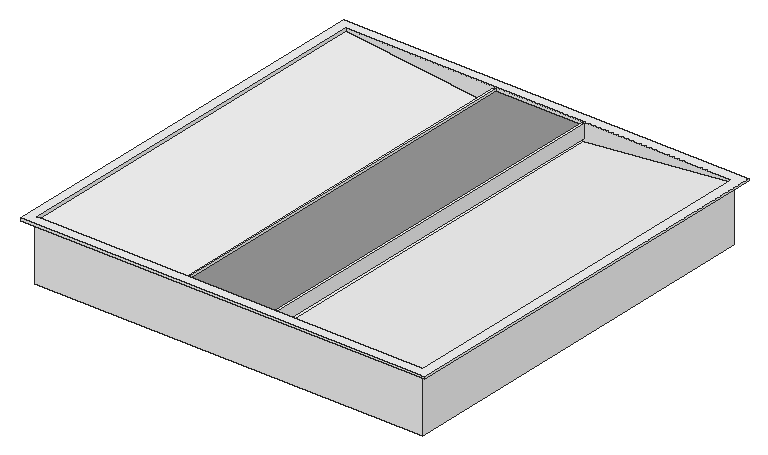
Revit family "2069260 Sylvania Lighting Fixture OFFICELYTE 600 HO 4K SSH01 EM", category Lighting Fixtures, host Face, Revit 2017
Family settings
  Host = Face
  Round Connector Dimension = Use Diameter
  Part Type = Normal
  OmniClass Number = 23.80.70.11.17
  OmniClass Title = Specialized Lighting by Location or Use
  Cut with Voids When Loaded = No
  Light Source = Yes
  Shared = No
  Room Calculation Point = No
Parameters (values of type "2069260 OFFICELYTE 600 HO 4K SSH01 EM Emergency mode")
  Width_SYL = 595.0 mm
  Weight = "7.1 kg"
  Wattage = 1.83465 W
  WarrantyStartDate [instance] = "n/a"
  WarrantyGuarantorParts = "n/a"
  WarrantyDurationUnit = "n/a"
  WarrantyDurationParts = "n/a"
  WarrantyDescription = "n/a"
  built-in parameter 1150110 = 1 (stored number, unit not read)
  Voltage = 230 V
  URL = "http://www.sylvania-lighting.com"
  TypeName = "OFFICELYTE 600 HO 4K SSH01 EM Emergency mode"
  built-in parameter 1114217 = 1 (stored number, unit not read)
  Tilt Angle = -90.00°
  built-in parameter 1150109 = 1 (stored number, unit not read)
  built-in parameter 1150134 = 12
  built-in parameter 1150113 = 1 (stored number, unit not read)
  SerialNumber [instance] = "n/a"
  PowerFactor = 0.96
  PowerConsumption = "36 W"
  Photometric Web File = "2069260EM.ies"
  NominalWidth = 0.0 mm
  NominalLength = 595.0 mm
  NominalHeight = 87.0 mm
  Name = "OFFICELYTE 600 HO 4K SSH01 EM Emergency mode"
  ModelReference = "OFFICELYTE 600 HO 4K SSH01 EM Emergency mode"
  ModelNumber = "2069260"
  Material = "zintec housing, acrylic diffuser"
  ManufacturerName = "Feilo Sylvania"
  LuminousEfficacy = "127 lm/W"
  LuminaireType = ""
  LightOutputRatio = "100"
  Length_SYL = Width_SYL  # 595.0 mm
  LampsType = Lamp  # "LED"
  LampNominalLuminous = "4570 lm"
  LampMacAdamStep = "n/a"
  LampColourTemperature = "4000 K"
  LampColourRenderingIndex = "80"
  Keynote = "16500"
  InstallationDate [instance] = "n/a"
  InputVoltage = "230-240V~"
  InputNominalFrequency = "50/60 Hz"
  IngressProtection = "IP20"
  ImpactProtectionIndex = "IK02"
  IfcExportType = "IfcLightFixtureType"
  IfcExportAs = "IfcLightFixtureType"
  Height_SYL = 84.0 mm
  ExpectedLife = 50000
  ElectricShockClassification = "Class I"
  DurationUnit = "hours"
  DocumentationLiterature = "http://www.sylvania-lighting.com/product/en-int/products/2069260"
  DimmingControlOptions = "n/a"
  Material_2_SYL = Acrylic_Sylvania_Officelyte LP LED_Satin_4000K
  CreatedOn = "8/23/2018"
  CreatedBy = ""
  built-in parameter 1114216 [instance] = 1 (stored number, unit not read)
  Model = "OFFICELYTE 600 HO 4K SSH01 EM Emergency mode"
  Manufacturer = "Havells-Sylvania Group"  # constant formula
  built-in parameter 1150105 = 18.542 (stored number, unit not read)
  Lumens = 233 lm
  built-in parameter 1150115 = 1 (stored number, unit not read)
  built-in parameter 1150137 = (empty or 0)
  built-in parameter 1150139 = (empty or 0)
  built-in parameter 1150112 = 1 (stored number, unit not read)
  built-in parameter 1150114 = 1 (stored number, unit not read)
  Lamp = "LED"
  built-in parameter 1150132 = 2
  built-in parameter 1150102 = (empty or 0)
  built-in parameter 1150107 = 4000 (stored number, unit not read)
  built-in parameter 1150138 = (empty or 0)
  built-in parameter 1150106 = 0.18542 (stored number, unit not read)
  Material_3_SYL = Steel_Sylvania_Officelyte LP LED_White_RAL 9016
  Emit from Rectangle Width = Width_SYL - 31.0 mm  # 564.0 mm
  Emit from Rectangle Length = Length_SYL - 31.0 mm  # 564.0 mm
  Emit Shape Visible in Rendering = no
  built-in parameter 1150104 = 11.799 (stored number, unit not read)
  Dimming Lamp Color Temperature Shift = <None>
  Material_1_SYL = Steel_Sylvania_Officelyte LP LED_White_RAL 9016
  Description = "The Concord OFFICELYTE LP LED HO 4K 600 is a high efficient luminaire for Office, education, meeting rooms. With efficacy of 95lm/W, at 4549lm, CRI of 85 and a very low glare ratio according to EN12464."  # constant formula
  Default Elevation = 0.0 mm
  Color Filter = 16777215
  built-in parameter 1140040 [instance] = 1
  BarCode [instance] = "n/a"
  built-in parameter 1114218 = 1 (stored number, unit not read)
  built-in parameter 1150133 = 10 (stored number, unit not read)
  AssetType = "Fixed"
  AssetIdentifier [instance] = "n/a"
  Assembly Code = "D5020200"
  Apparent Load = 1.83465 VA
Types (2, lengths in mm): name | Wattage | TypeName | Photometric Web File | Name | ModelReference | Model | built-in parameter 1150105 | Lumens | built-in parameter 1150106 | Apparent Load
  2069260 OFFICELYTE 600 HO 4K SSH01 EM Emergency mode | 1.83465 W | "OFFICELYTE 600 HO 4K SSH01 EM Emergency mode" | "2069260EM.ies" | "OFFICELYTE 600 HO 4K SSH01 EM Emergency mode" | "OFFICELYTE 600 HO 4K SSH01 EM Emergency mode" | "OFFICELYTE 600 HO 4K SSH01 EM Emergency mode" | 18.542 (stored number, unit not read) | 233 lm | 0.18542 (stored number, unit not read) | 1.83465 VA
  2069260 OFFICELYTE 600 HO 4K SSH01 EM | 36 W | "OFFICELYTE 600 HO 4K SSH01 EM" | "2069260.ies" | "OFFICELYTE 600 HO 4K SSH01 EM" | "OFFICELYTE 600 HO 4K SSH01 EM" | "OFFICELYTE 600 HO 4K SSH01 EM" | 363.83 (stored number, unit not read) | 4572 lm | 3.6383 (stored number, unit not read) | 36 VA
Reference planes
  plane 1 "Center (Front/Back)": y = 0
  plane 2: z = 0
  plane 3 "Center (Left/Right)": x = 0
  plane 4 "Fixture Bottom": z = 3
  plane 5 "Fixture Right": x = 297.5
  plane 6 "Profile Right": x = 284
  plane 7 "Profile Left": x = -284
  plane 8 "Fixture Left": x = -297.5
  plane 9 "Profile Back": y = 284
  plane 10 "Fixture Back": y = 297.5
  plane 11 "Fixture Front": y = -297.5
  plane 12: z = -25
  plane 13 "Box Right": x = 286
  plane 14 "Box Left": x = -286
  plane 15 "Box Back": y = 286
  plane 16 "Box Front": y = -286
  plane 17: x = 66.5
  plane 18: x = -66.5
  plane 19 "Difuser Right": x = 63.5
  plane 20 "Difuser Left": x = -63.5
  plane 21: z = -2
  plane 22: z = -4
  plane 23 "Profile Front": y = -284
  plane 24 "Fixture Top": z = -84
  plane 25 "Box Thickness": z = -82
  plane 26: z = -20
Forms (mm)
  Extrusion 1, void
    sketch origin (0, 0, 59) x (-1, 0, 0) y (0, -1, 0)
      loop
        line (-286, -286) -> (286, -286) -> (286, 286) -> (-286, 286) -> (-286, -286)
    from -141 to -56
  Extrusion 2, solid, material "Steel_Sylvania_Officelyte LP LED_White_RAL 9016" <- "Material_3_SYL", detail levels fine
    sketch origin (20, 0, 59) x (-1, 0, 0) y (0, -1, 0)
      loop
        line (-277.5, -297.5) -> (317.5, -297.5) -> (317.5, 297.5) -> (-277.5, 297.5) -> (-277.5, -297.5)
      loop
        line (304, -284) -> (304, 284) -> (-264, 284) -> (-264, -284) -> (304, -284)
    from -59 to -56
  Extrusion 3, solid, material "Steel_Sylvania_Officelyte LP LED_White_RAL 9016" <- "Material_3_SYL", detail levels fine
    sketch origin (0, 0, 0) x (1, 0, 0) y (0, 0, 1)
      loop
        arc (-65.868, -23.244) -> (-175.523, -17.552) -> (-284, -0.537) r 1059.086
        line (-284, -0.537) -> (-284, -2.581)
        arc (-284, -2.581) -> (-175.521, -19.563) -> (-65.868, -25.244) r 1061.086
        line (-65.868, -25.244) -> (65.87, -25.244)
        arc (65.87, -25.244) -> (175.522, -19.563) -> (284, -2.581) r 1061.094
        line (284, -2.581) -> (284, -0.538)
        arc (284, -0.538) -> (175.524, -17.552) -> (65.87, -23.244) r 1059.094
        line (65.87, -23.244) -> (-65.868, -23.244)
    from -284 to 284
  Extrusion 4, solid, material "Steel_Sylvania_Officelyte LP LED_White_RAL 9016" <- "Material_3_SYL", detail levels fine
    sketch origin (0, 0, 59) x (-1, 0, 0) y (0, -1, 0)
      loop
        line (284, -284) -> (284, 284) -> (-284, 284) -> (-284, -284) -> (284, -284)
      loop
        line (286, -286) -> (286, 286) -> (-286, 286) -> (-286, -286) -> (286, -286)
    from -141 to -59
  Extrusion 5, solid, material "Steel_Sylvania_Officelyte LP LED_White_RAL 9016" <- "Material_3_SYL", detail levels fine
    sketch origin (0, 0, 59) x (-1, 0, 0) y (0, -1, 0)
      loop
        line (66.5, -284) -> (66.5, 284) -> (63.5, 284) -> (63.5, -284) -> (66.5, -284)
      loop
        line (-66.5, 284) -> (-66.5, -284) -> (-63.5, -284) -> (-63.5, 284) -> (-66.5, 284)
    from -79 to -59
  Extrusion 6, solid, material "Acrylic_Sylvania_Officelyte LP LED_Satin_4000K" <- "Material_2_SYL", detail levels fine
    sketch origin (0, 0, -581) x (-1, 0, 0) y (0, -1, 0)
      loop
        line (-63.5, -284) -> (63.5, -284) -> (63.5, 284) -> (-63.5, 284) -> (-63.5, -284)
    from 577 to 579
  Extrusion 7, solid, material "Steel_Sylvania_Officelyte LP LED_White_RAL 9016" <- "Material_1_SYL", detail levels coarse+medium
    sketch origin (0, 0, 59) x (-1, 0, 0) y (0, -1, 0)
      loop
        line (297.5, -297.5) -> (297.5, 297.5) -> (-297.5, 297.5) -> (-297.5, -297.5) -> (297.5, -297.5)
    from -59 to -56
  Extrusion 8, solid, material "Steel_Sylvania_Officelyte LP LED_White_RAL 9016" <- "Material_1_SYL", detail levels coarse+medium
    sketch origin (0, 0, -501) x (-1, 0, 0) y (0, -1, 0)
      loop
        line (286, -286) -> (286, 286) -> (-286, 286) -> (-286, -286) -> (286, -286)
    from 417 to 501
  Extrusion 9, solid, material "Steel_Sylvania_Officelyte LP LED_White_RAL 9016" <- "Material_3_SYL", detail levels fine
    sketch origin (0, 0, 59) x (-1, 0, 0) y (0, -1, 0)
      loop
        line (-286, -286) -> (286, -286) -> (286, 286) -> (-286, 286) -> (-286, -286)
    from -143 to -141
Cuts and joins
  joined: Extrusion 2, Extrusion 4, Extrusion 9
  joined: Extrusion 3, Extrusion 5
Lines and regions (mm)
  symbolic lines
    curve 1: line (-297.5, 297.5, 59) -> (297.5, 297.5, 59)
    curve 2: line (-297.5, -297.5, 59) -> (-297.5, 297.5, 59)
    curve 3: line (297.5, -297.5, 59) -> (-297.5, -297.5, 59)
    curve 4: line (297.5, 297.5, 59) -> (297.5, -297.5, 59)
Dimensions and locks
  "Height_SYL": host face to plane 24 "Fixture Top"
  locked: plane 25 "Box Thickness" to plane 24 "Fixture Top" at 2
  "Width_SYL": plane 10 "Fixture Back" to plane 11 "Fixture Front"
  "Length_SYL": plane 8 "Fixture Left" to plane 5 "Fixture Right"
  equal spacing: plane 10 "Fixture Back", plane 1 "Center (Front/Back)", plane 11 "Fixture Front"
  equal spacing: plane 8 "Fixture Left", plane 3 "Center (Left/Right)", plane 5 "Fixture Right"
  locked: plane 18 to plane 20 "Difuser Left" at 3
  locked: plane 19 "Difuser Right" to plane 17 at 3
  plane 8 "Fixture Left" to plane 14 "Box Left" to plane 7 "Profile Left" = 11.5 mm locked, 2.0 mm locked
  plane 10 "Fixture Back" to plane 15 "Box Back" to plane 9 "Profile Back" = 11.5 mm locked, 2.0 mm locked
  plane 6 "Profile Right" to plane 13 "Box Right" to plane 5 "Fixture Right" = 2.0 mm locked, 11.5 mm locked
  plane 23 "Profile Front" to plane 16 "Box Front" to plane 11 "Fixture Front" = 2.0 mm locked, 11.5 mm locked
  plane 4 "Fixture Bottom" to plane 2 to plane 21 to plane 22 to plane 12 = 3.0 mm locked, 2.0 mm locked, 2.0 mm locked, 21.0 mm locked
  aligned and locked: plane 2 to host face
  aligned and locked: level to host face
  aligned and locked: plane 1 "Center (Front/Back)" to imposter light
  aligned and locked: plane 10 "Fixture Back" to Extrusion 2
  aligned and locked: plane 8 "Fixture Left" to Extrusion 2
  aligned and locked: Extrusion 2 to plane 7 "Profile Left"
  aligned and locked: Extrusion 2 to plane 5 "Fixture Right"
  aligned and locked: plane 6 "Profile Right" to Extrusion 2
  aligned and locked: Extrusion 2 to plane 11 "Fixture Front"
  aligned and locked: plane 4 "Fixture Bottom" to Extrusion 2
  aligned and locked: plane 18 to Extrusion 5 sketch curve
  aligned and locked: Extrusion 5 sketch curve to plane 17
  aligned and locked: plane 19 "Difuser Right" to Extrusion 5 sketch curve
  aligned and locked: Extrusion 5 sketch curve to plane 20 "Difuser Left"
  aligned and locked: plane 19 "Difuser Right" to Extrusion 6 sketch curve
  aligned and locked: Extrusion 6 sketch curve to plane 20 "Difuser Left"
  aligned and locked: plane 21 to Extrusion 6
  aligned and locked: Extrusion 6 to plane 22
  aligned and locked: Extrusion 7 sketch curve to plane 10 "Fixture Back"
  aligned and locked: plane 5 "Fixture Right" to Extrusion 7 sketch curve
  aligned and locked: plane 11 "Fixture Front" to Extrusion 7 sketch curve
  aligned and locked: Extrusion 7 sketch curve to plane 8 "Fixture Left"
  aligned and locked: plane 4 "Fixture Bottom" to Extrusion 7
  aligned and locked: Extrusion 8 to plane 24 "Fixture Top"
  aligned and locked: level to Extrusion 8
  aligned and locked: plane 5 "Fixture Right" to curve 4
  aligned and locked: curve 1 to plane 10 "Fixture Back"
  aligned and locked: curve 2 to plane 8 "Fixture Left"
  aligned and locked: plane 11 "Fixture Front" to curve 3
  aligned and locked: plane 9 "Profile Back" to Extrusion 4
  aligned and locked: Extrusion 4 sketch curve to plane 9 "Profile Back"
  aligned and locked: Extrusion 4 to Extrusion 1
  aligned and locked: imposter light to Extrusion 1
  aligned and locked: Extrusion 9 to plane 24 "Fixture Top"
  aligned and locked: plane 25 "Box Thickness" to Extrusion 9
  aligned and locked: cut or joined group of Extrusion 2, Extrusion 4, Extrusion 9 to plane 25 "Box Thickness"
  aligned and locked: Extrusion 4 sketch curve to plane 13 "Box Right"
  aligned and locked: plane 15 "Box Back" to Extrusion 4 sketch curve
  aligned and locked: Extrusion 4 sketch curve to plane 14 "Box Left"
  aligned and locked: plane 16 "Box Front" to Extrusion 4 sketch curve
  aligned and locked: Extrusion 9 sketch curve to plane 16 "Box Front"
  aligned and locked: plane 13 "Box Right" to Extrusion 9 sketch curve
  aligned and locked: Extrusion 9 sketch curve to plane 15 "Box Back"
  aligned and locked: Extrusion 9 sketch curve to plane 14 "Box Left"
  aligned and locked: plane 7 "Profile Left" to cut or joined group of Extrusion 3, Extrusion 5
  aligned and locked: cut or joined group of Extrusion 3, Extrusion 5 to plane 6 "Profile Right"
  aligned and locked: plane 9 "Profile Back" to cut or joined group of Extrusion 3, Extrusion 5
  aligned and locked: cut or joined group of Extrusion 3, Extrusion 5 to plane 23 "Profile Front"
  aligned and locked: plane 23 "Profile Front" to Extrusion 5 sketch curve
  aligned and locked: Extrusion 5 sketch curve to plane 9 "Profile Back"
  aligned and locked: Extrusion 8 sketch curve to plane 13 "Box Right"
  aligned and locked: plane 15 "Box Back" to Extrusion 8 sketch curve
  aligned and locked: plane 16 "Box Front" to Extrusion 8 sketch curve
  aligned and locked: plane 14 "Box Left" to Extrusion 8 sketch curve
  aligned and locked: Extrusion 1 sketch curve to Extrusion 8  (x4)
  aligned and locked: Extrusion 6 sketch curve to plane 23 "Profile Front"
  aligned and locked: plane 9 "Profile Back" to Extrusion 6 sketch curve
  aligned and locked: cut or joined group of Extrusion 3, Extrusion 5 to plane 26
  aligned and locked: plane 4 "Fixture Bottom" to imposter light
Automatic sketch dimensions
  host sketch curve to host sketch curve = 1305.563 mm
  host sketch curve to host sketch curve = 1414.187 mm
  Extrusion 2 sketch curve to plane 5 "Fixture Right" = 0.0 mm
  Extrusion 2 sketch curve to plane 6 "Profile Right" = 0.0 mm
  Extrusion 2 sketch curve to plane 7 "Profile Left" = 0.0 mm
  Extrusion 2 sketch curve to plane 8 "Fixture Left" = 0.0 mm
  Extrusion 2 sketch curve to plane 10 "Fixture Back" = 0.0 mm
  plane 9 "Profile Back" to Extrusion 2 sketch curve = 0.0 mm
  Extrusion 2 sketch curve to plane 23 "Profile Front" = 0.0 mm
  Extrusion 2 sketch curve to plane 11 "Fixture Front" = 0.0 mm
  Extrusion 3 sketch curve to Extrusion 3 sketch curve = 0.0 mm  (x2)
  Extrusion 3 sketch curve to Extrusion 3 sketch curve = 0.001 mm  (x2)
  Extrusion 3 sketch curve to level = 0.537 mm
  plane 14 "Box Left" to Extrusion 3 sketch curve = 2.0 mm
  Extrusion 3 sketch curve to plane 12 = 0.244 mm
  plane 18 to Extrusion 3 sketch curve = 0.632 mm
  Extrusion 3 sketch curve to plane 17 = 0.63 mm
  Extrusion 3 sketch curve to level = 0.538 mm
  Extrusion 3 sketch curve to plane 13 "Box Right" = 2.0 mm
  Extrusion 3 sketch curve to level = 23.244 mm
  Extrusion 4 sketch curve to plane 6 "Profile Right" = 0.0 mm
  Extrusion 4 sketch curve to plane 7 "Profile Left" = 0.0 mm
  Extrusion 4 sketch curve to plane 23 "Profile Front" = 0.0 mm
  Extrusion 5 sketch curve to plane 9 "Profile Back" = 0.0 mm
  Extrusion 5 sketch curve to plane 23 "Profile Front" = 0.0 mm
Connectors
  electrical at (0, 0, -84), driven by "Apparent Load"
    settings: on Extrusion 8, index 1, voltage 230 V, apparent load 0 VA, apparent load phase1 1.83465 VA, apparent load phase2 0 VA, apparent load phase3 0 VA, power factor 1, load classification "Lighting", number of poles 1, system type 31, power factor state 1, is connector primary yes, connector utility no, sub classification motor no, connector description ""
